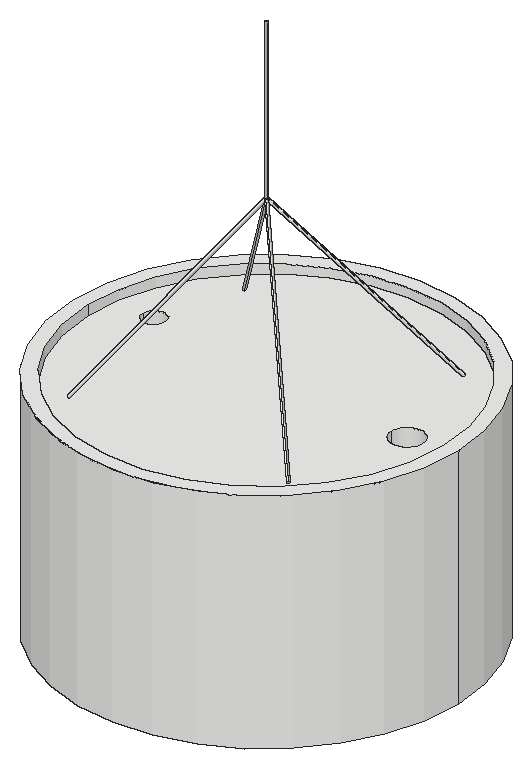
Revit family "Electronics_Masking-Loudspeakers_Biamp_Cambridge_Sound-Masking-Loudspeakers_DS1339_1357__", category Communication Devices, host Face, Revit 2020
Family settings
  Host = Face
  Maintain Annotation Orientation = No
  Round Connector Dimension = Use Diameter
  Part Type = Normal
  OmniClass Number = 23.85.10.11.11
  OmniClass Title = Sound and Signal Devices
  Cut with Voids When Loaded = No
  Shared = No
  Room Calculation Point = No
Parameters (values of type "DS1339 White")
  Weight = 4.20 lbf  # constant formula
  URL = "https://www.biamp.com/"
  Transformer Taps = "1/8,1/4, 1/2,1,2,4 watts"  # constant formula
  Shipping Weight = 24.20 lbf  # constant formula
  Shipping Dimensions = " 22” x 22” x 7” (4-pack)\r"  # constant formula
  Sensitivity = "2.83 Volts at 1 meter on Axis: 91.9"  # constant formula
  Product data url = "https://www.bimobject.com/biamp/product/ds1339_masking-loudspeaker"
  Product Page URL = "https://www.biamp.com/products/product-families/cambridge/masking-loudspeakers#ds1339"
  Product Documentation Link = "https://downloads.biamp.com/assets/docs/default-source/data-sheets/biamp_dynasound_datasheet_ds1339_mar21.pdf"
  Pendant Length Real [instance] = if(Pendant Length < 4.00", 4.00", Pendant Length)  # 7.00"
  Pendant Length [instance] = 7.00"
  Pendant [instance] = yes
  Offset from Installation Surface [instance] = 3.00"
  Offset [instance] = if(not(Pendant), 0.00", Offset from Installation Surface)  # 3.00"
  Nominal Impedance = "8 Ohms"  # constant formula
  Nominal Dispersion = "160° H x 165° V"  # constant formula
  Model = "DS1339"
  Manufacturer = "Biamp"  # constant formula
  Loudspeaker Type = "5.25” full range paper cone driver with one-inch voice coil diameter. 8 Ohm\r"  # constant formula
  Housing Material = Biamp - Plastic - White
  Height = 5.00"  # constant formula
  Frequency Response = "-10dB down: 125Hz to 10,000Hz"  # constant formula
  Enclosure material = "Cold rolled steel plate, thickness: 1 mm, powder coated"  # constant formula
  Enclosure = "Ported"  # constant formula
  Driver Diameter = "5.25”\r"  # constant formula
  Diameter = 8.50"  # constant formula
  Description = "Dynasound® DS1339 Sound Masking, Paging, and Music Speaker for 70.7 Volt Systems"
  Default Elevation = 48.00"
  Connections = "2- Wire Pigtail"  # constant formula
  Color = "White or black\r"  # constant formula
  Certifications = "UL 1480A and UL 2043"  # constant formula
  Cabling = "2 conductor 20AWG"  # constant formula
  Assembly Code = ""
Types (5): name | Product data url | Product Page URL | Product Documentation Link | Model | Housing Material | Description
  (no name) | "https://www.bimobject.com/biamp/product/ds1339_masking-loudspeaker" | "https://www.biamp.com/products/product-families/cambridge/masking-loudspeakers#ds1339" | "https://downloads.biamp.com/assets/docs/default-source/data-sheets/biamp_dynasound_datasheet_ds1339_mar21.pdf" | "DS1339" | Biamp - Plastic - White | "Dynasound® DS1339 Sound Masking, Paging, and Music Speaker for 70.7 Volt Systems"
  DS1357 White | "https://www.bimobject.com/biamp/product/ds1357_masking-loudspeaker" | "https://www.biamp.com/products/product-families/cambridge/masking-loudspeakers#ds1357" | "https://downloads.biamp.com/assets/docs/default-source/data-sheets/biamp_dynasound_data_sheet_ds1357_mar21.pdf" | "DS1357" | Biamp - Plastic - White | "Dynasound® DS1357 Sound Masking, Paging, and Music Speaker for 8 Ohm Systems"
  DS1357 Black | "https://www.bimobject.com/biamp/product/ds1357_masking-loudspeaker" | "https://www.biamp.com/products/product-families/cambridge/masking-loudspeakers#ds1357" | "https://downloads.biamp.com/assets/docs/default-source/data-sheets/biamp_dynasound_data_sheet_ds1357_mar21.pdf" | "DS1357" | Biamp - Plastic - Black | "Dynasound® DS1357 Sound Masking, Paging, and Music Speaker for 8 Ohm Systems"
  DS1339 White | "https://www.bimobject.com/biamp/product/ds1339_masking-loudspeaker" | "https://www.biamp.com/products/product-families/cambridge/masking-loudspeakers#ds1339" | "https://downloads.biamp.com/assets/docs/default-source/data-sheets/biamp_dynasound_datasheet_ds1339_mar21.pdf" | "DS1339" | Biamp - Plastic - White | "Dynasound® DS1339 Sound Masking, Paging, and Music Speaker for 70.7 Volt Systems"
  DS1339 Black | "https://www.bimobject.com/biamp/product/ds1339_masking-loudspeaker" | "https://www.biamp.com/products/product-families/cambridge/masking-loudspeakers#ds1339" | "https://downloads.biamp.com/assets/docs/default-source/data-sheets/biamp_dynasound_datasheet_ds1339_mar21.pdf" | "DS1339" | Biamp - Plastic - Black | "Dynasound® DS1339 Sound Masking, Paging, and Music Speaker for 70.7 Volt Systems"
Reference planes (in)
  plane 1 "Center (Front/Back)": y = 0
  plane 2: z = 0
  plane 3 "Center (Left/Right)": x = 0
  plane 4: x = -4.25
  plane 5: x = 4.25
  plane 6: y = 4.25
  plane 7: y = -4.25
  plane 8: z = 8
  plane 9: through (2.90039, 2.90039, 48) normal (0.7071, -0.7071, 0)
  plane 10: through (-2.90039, 2.90039, 48) normal (0.7071, 0.7071, 0)
  plane 11: z = 3
  plane 12: z = 0
  plane 13: z = 11.5
  plane 14: z = 7.79
  plane 15: z = 7.29
  plane 16: z = 15
Forms (in)
  Extrusion 1, solid, material "Biamp - Plastic - White" <- "Housing Material"
    sketch origin (0, 0, 0) x (1, 0, 0) y (0, 1, 0)
      loop
        circle (0, 0) r 4.25
    from 3 to 8
  Extrusion 2, void
    sketch origin (0, 0, 0) x (1, 0, 0) y (0, 1, 0)
      loop
        circle (0, 0) r 3.94408
    from 7.79 to 8
  Extrusion 3, void
    sketch origin (0, 0, 0) x (1, 0, 0) y (0, 1, 0)
      loop
        circle (-3.00484, 0.65908) r 0.25
      loop
        circle (3.0362, 0.09375) r 0.3516
    from 7.79 to 7.29
  Extrusion 4, solid, material "Biamp - Metal - Gray", visible <- "Pendant"
    sketch origin (0, 0, 0) x (1, 0, 0) y (0, 1, 0)
      loop
        circle (0, 0) r 0.03179
    from 15 to 11.5
  Sweep 5, solid, material "Biamp - Plastic - White" <- "Housing Material", visible <- "Pendant"
    path origin (2.90039, 2.90039, 48) x (0.707107, 0.707107, 0) y (0, 0, 1)
      loop
        line (-7.52583, -40.21) -> (-4.10177, -36.5) -> (-0.67771, -40.21)
    profile origin (1.21059, 1.21059, 9.645) x (0.519623, 0.519623, 0.678221) y (0.707107, -0.707107, 0)
      loop
        circle (0, 0) r 0.0317
  Sweep 6, solid, material "Biamp - Plastic - White" <- "Housing Material", visible <- "Pendant"
    path origin (-2.90039, 2.90039, 48) x (-0.707107, 0.707107, 0) y (0, 0, 1)
      loop
        line (-0.67771, -40.21) -> (-4.10177, -36.5) -> (-7.52583, -40.21)
    profile origin (-1.21059, 1.21059, 9.645) x (0.519623, -0.519623, -0.678221) y (0.707107, 0.707107, 0)
      loop
        circle (0, 0) r 0.03291
Cuts and joins
  Extrusion 2, Extrusion 3 cuts Extrusion 1
Lines and regions (in)
  Masking region 1
    outline origin (0, 0, 0) x (1, 0, 0) y (0, 1, 0)
      loop
        circle (0, 0) r 4.25
Dimensions and locks (in)
  equal spacing: plane 6, plane 1 "Center (Front/Back)", plane 7
  equal spacing: plane 4, plane 3 "Center (Left/Right)", plane 5
  "Diameter": plane 4 to plane 5
  "Diameter": plane 6 to plane 7
  "Height": plane 8 to plane 11
  "Offset": plane 11 to plane 2
  locked: plane 8 to plane 14 at 0.21
  locked: plane 14 to plane 15 at 0.5
  locked: plane 13 to plane 8 at 3.5
  "Pendant Length Real": plane 16 to plane 8
  "Diameter": diameter of Extrusion 1 sketch curve
  aligned and locked: host face to plane 2
  aligned and locked: host face to level
  aligned and locked: plane 8 to Extrusion 1
  aligned and locked: plane 13 to Extrusion 4
  aligned and locked: plane 15 to Extrusion 3
  aligned and locked: cut or joined group of Extrusion 1, Extrusion 2, Extrusion 3 to plane 14
  aligned and locked: Masking region 1 sketch curve to cut or joined group of Extrusion 1, Extrusion 2, Extrusion 3  (x2)
  aligned and locked: plane 8 to cut or joined group of Extrusion 1, Extrusion 2, Extrusion 3
  aligned and locked: Extrusion 2 to Extrusion 3
  aligned and locked: plane 16 to Extrusion 4
  aligned and locked: plane 11 to cut or joined group of Extrusion 1, Extrusion 2, Extrusion 3
Automatic sketch dimensions
  host sketch curve to host sketch curve = 190.07192"
  host sketch curve to host sketch curve = 176.59581"
  plane 1 "Center (Front/Back)" to Extrusion 4 sketch curve = 0.00"
  Extrusion 4 sketch curve to plane 3 "Center (Left/Right)" = 0.00"
  plane 1 "Center (Front/Back)" to Extrusion 2 sketch curve = 0.00"
  Extrusion 2 sketch curve to plane 3 "Center (Left/Right)" = 0.00"
  plane 4 to Extrusion 3 sketch curve = 1.24516"
  Extrusion 3 sketch curve to plane 1 "Center (Front/Back)" = 0.09375"
  Extrusion 3 sketch curve to plane 5 = 1.2138"
  Extrusion 3 sketch curve to plane 1 "Center (Front/Back)" = 0.65908"
  Sweep 5 sketch curve to plane 14 = 0.00"  (x2)
  Sweep 5 sketch curve to plane 10 = 0.00"
  Sweep 5 sketch curve to plane 13 = 0.00"
  Sweep 5 sketch curve to plane 10 = 3.42406"
  plane 10 to Sweep 5 sketch curve = 3.42406"
  plane 9 to Sweep 5 sketch curve = 0.00"
  Sweep 5 sketch curve to profile plane = 0.00"
  plane 14 to Sweep 6 sketch curve = 0.00"  (x2)
  Sweep 6 sketch curve to plane 9 = 0.00"
  plane 13 to Sweep 6 sketch curve = 0.00"
  plane 9 to Sweep 6 sketch curve = 3.42406"
  Sweep 6 sketch curve to plane 9 = 3.42406"
  plane 10 to Sweep 6 sketch curve = 0.00"
  Sweep 6 sketch curve to profile plane = 0.00"
  plane 1 "Center (Front/Back)" to Extrusion 1 sketch curve = 0.00"
  Extrusion 1 sketch curve to plane 3 "Center (Left/Right)" = 0.00"
  radius of Extrusion 4 sketch curve = 0.03179"
  radius of Extrusion 2 sketch curve = 3.94408"
  radius of Extrusion 3 sketch curve = 0.25"
  radius of Extrusion 3 sketch curve = 0.3516"
  radius of Sweep 5 sketch curve = 0.0317"
  radius of Sweep 6 sketch curve = 0.03291"
Connectors (in)
  electrical at (-3.00484, 0.65908, 7.29)
    settings: on cut or joined group of Extrusion 1, Extrusion 2, Extrusion 3, index 1, voltage 0 V, apparent load 0 VA, apparent load phase1 0 VA, apparent load phase2 0 VA, apparent load phase3 0 VA, power factor 1, load classification "Other", number of poles 1, system type 5, power factor state 1, is connector primary yes, connector utility no, sub classification motor no, connector description "2- Wire Pigtail; 70.7 V"
